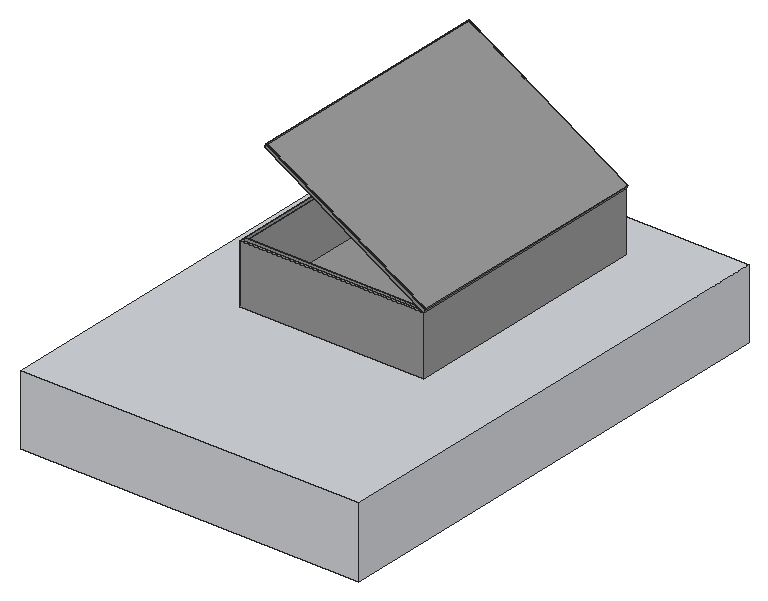
Revit family "Hager-Univers-IP55-D275-H1100-Cl.II-Steel_encl-CH-en", category Equipement électrique, Revit 2020
Family settings
  Hôte = Face
  Configuration du panneau = Deux colonnes, circuits au sein
  Cote de connecteur circulaire = Utiliser le diamètre
  Type d'élément = Tableau de raccordement
  Couper avec des vides une fois chargée = Non
  Partagée = Non
  Point de calcul de pièce = Non
Parameters (values of type "Surface mounted (plaster) IP55 W800 H1100 D275  - FR73S")
  Width Control [instance] = if([EF000008 - Width] > Min Width, [EF000008 - Width], Min Width)  # 800 mm
  Commentaires du type = [HG000003 - Range]  # "Univers"
  Thickness Door [instance] = if([EF009171 - Material plate thickness door/cover] > 3 mm, 3 mm, [EF009171 - Material plate thickness door/cover])  # 1.5 mm
  Seal Frame Offset [instance] = 17 mm  # constant formula
  Plinth Visibility [instance] = [HG000027 - Plinth height] > 0 mm  # no
  Model = ""
  Min Width [instance] = 100 mm  # constant formula
  Min Height [instance] = 100 mm  # constant formula
  Min Depth [instance] = (2 * [EF009170 - Material plate thickness cabinet]) + 1 mm  # 4 mm
  Internal Frame Depth [instance] = (Door System Depth * 0.5)  # 9 mm
  Height Control [instance] = if([EF000040 - Height] > Min Height, [EF000040 - Height], Min Height)  # 1100 mm
  HG000027 - Plinth height = 0 mm
  HG000026 - Floor standing = no
  HG000024 - Bottom section height = 800 mm
  HG000023 - Double section enclosure = no
  HG000016 - Door 3d visibility [instance] = yes
  HG000015 - Clearance visibility [instance] = no
  HG000014 - Door on the right [instance] = yes
  HG000013 - Door on the left [instance] = not([HG000014 - Door on the right])  # no
  HG000012 - Door swing angle [instance] = 30.00°
  HG000010 - Asymmetric doors = no
  HG000009 - Double swing door = no
  HG000006 - Flush mounted = no
  HG000004 - Manufacturer reference = "FR73S"
  HG000003 - Range = "Univers"
  HG000002 - With door or cover = yes
  Frame Offset Bottom [instance] = 10 mm  # constant formula
  Frame Offset [instance] = 15 mm  # constant formula
  EF015940 - Cover with overpressure release = no
  EF011959 - Degree of protection (NEMA) = ""
  EF009554 - Number of openings for flange plates = 6
  EF009212 - Cover model = "EV000116 - Closed"
  EF009171 - Material plate thickness door/cover = 1.5 mm
  EF009170 - Material plate thickness cabinet = 1.5 mm
  Fabricant = "Hager"  # constant formula
  EF008873 - Nominal current (In) = 800 A
  EF007800 - Suitable for lightning protection = no
  EF006306 - With lock = no
  EF006244 - Transparent cover/door = no
  EF005474 - Degree of protection (IP) = "EV006420 - IP55"
  EF004464 - Type of door = "EV002646 - Single"
  EF004427 - Number of modules = 252
  EF004293 - Impact strength = "EV008784 - IK10"
  EF003532 - Suitable for outdoor use = no
  EF002950 - Width in number of modular spacings = 24
  EF001613 - Circuit integrity = "EV000494 - None"
  EF001596 - Material housing = "EV000179 - Steel"
  EF001131 - Internal depth = 275 mm
  EF001088 - Extension possible = yes
  EF000437 - Number of conduit inlets = 6
  EF000339 - Type of cover = "EV004216 - Door"
  EF000266 - Number of rows = 7
  EF000218 - Built-in depth = 0 mm
  EF000118 - With mounting plate = no
  EF000116 - RAL-number = "7035"
  EF000049 - Depth = 275 mm
  EF000040 - Height = 1100 mm
  EF000008 - Width = 800 mm
  EF000007 - Colour = "EV000270 - Grey"
  EF000003 - Mounting method = "EV000384 - Surface mounted (plaster)"
  Door System Leaf Tolerance [instance] = 1.5 mm  # constant formula
  Door System Depth [instance] = 18 mm  # constant formula
  Door Height [instance] = Height Control - [HG000027 - Plinth height]  # 1100 mm
  Depth Control [instance] = if([EF000049 - Depth] > Min Depth, [EF000049 - Depth], Min Depth)  # 275 mm
  Default Elevation = 0 mm
  Connector Offset [instance] = Height Control / 2  # 550 mm
  Bottom Top Plate Trim [instance] = 1.5 mm  # constant formula
  Plinth height Ctrl [instance] = if([HG000027 - Plinth height] > 0 mm, [HG000027 - Plinth height], 12 mm)  # 12 mm
Types (5, lengths in mm): name | Width Control | HG000010 - Asymmetric doors | HG000009 - Double swing door | HG000004 - Manufacturer reference | EF009554 - Number of openings for flange plates | EF004464 - Type of door | EF004427 - Number of modules | EF000437 - Number of conduit inlets | EF000008 - Width
  Surface mounted (plaster) IP55 W1050 H1100 D275  - FR74S | 1050 | no | yes | "FR74S" | 8 | "EV003602 - Double" | 336 | 8 | 1050
  Surface mounted (plaster) IP55 W1300 H1100 D275  - FR75S | 1300 | yes | yes | "FR75S" | 10 | "EV003602 - Double" | 420 | 10 | 1300
  Surface mounted (plaster) IP55 W300 H1100 D275  - FR71S | 300 | no | no | "FR71S" | 2 | "EV002646 - Single" | 84 | 2 | 300
  Surface mounted (plaster) IP55 W550 H1100 D275  - FR72S | 550 | no | no | "FR72S" | 4 | "EV002646 - Single" | 168 | 4 | 550
  Surface mounted (plaster) IP55 W800 H1100 D275  - FR73S | 800 | no | no | "FR73S" | 6 | "EV002646 - Single" | 252 | 6 | 800
Reference planes
  plane 1 "Center (Front/Back)": y = 0
  plane 2: z = 0
  plane 3 "Center (Left/Right)": x = 0
  plane 4: z = 275
  plane 5: y = 1.5
  plane 6: y = 550
  plane 7: y = 0
  plane 8: y = 1100
  plane 9: z = 0
  plane 10: x = -385
  plane 11: x = 385
  plane 12: x = 383.5
  plane 13: x = -383.5
  plane 14: y = 1098.5
  plane 15: x = -383
  plane 16: x = -400
  plane 17: x = 383
  plane 18: x = 400
  plane 19: x = 398.5
  plane 20: x = -398.5
  plane 21: y = 11.5
  plane 22: y = 1100
  plane 23: y = 1083.5
  plane 24: z = 257
  plane 25: z = 1.5
  plane 26: z = 255.5
  plane 27: z = 273.5
Forms (mm)
  Extrusion 1, solid
    sketch origin (0, 0, 0) x (1, 0, 0) y (0, 1, 0)
      loop
        line (-702.964, 1305) -> (-702.964, -811.445) -> (766.763, -811.445) -> (766.763, 1305) -> (-702.964, 1305)
    from 0 to -304.8
  Extrusion 2, solid, material "Hager_Steel_RAL7035_Light_Grey", visible <- "Plinth Visibility", detail levels medium+fine
    sketch origin (0, 0, 0) x (1, 0, 0) y (0, 1, 0)
      loop
        line (-400, 0) -> (400, 0) -> (400, 12) -> (-400, 12) -> (-400, 0)
    from 0 to 257
  Extrusion 3, solid, material "Hager_Steel_RAL7035_Light_Grey", detail levels medium+fine
    sketch origin (0, 0, 0) x (1, 0, 0) y (0, 1, 0)
      loop
        line (-400, 0) -> (400, 0) -> (400, 1100) -> (-400, 1100) -> (-400, 0)
    from 0 to 257
  Extrusion 4, void
    sketch origin (0, 0, 0) x (1, 0, 0) y (0, 1, 0)
      loop
        line (-398.5, 1.5) -> (398.5, 1.5) -> (398.5, 1098.5) -> (-398.5, 1098.5) -> (-398.5, 1.5)
    from 1.5 to 255.5
  Extrusion 5, void
    sketch origin (-381.607, -4572, 257) x (0, -1, 0) y (-1, 0, 0)
      loop
        line (-4583.5, 1.893) -> (-5655.5, 1.893) -> (-5655.5, -765.107) -> (-4583.5, -765.107) -> (-4583.5, 1.893)
    from 0 to 1.5 <- "EF009170 - Material plate thickness cabinet"
  Extrusion 6, solid, material "Hager_Steel_RAL7035_Light_Grey", detail levels fine
    sketch origin (0, 0, 257) x (1, 0, 0) y (0, 1, 0)
      loop
        line (-383.5, 1083.5) -> (-383.5, 11.5) -> (383.5, 11.5) -> (383.5, 1083.5) -> (-383.5, 1083.5)
      loop
        line (-385, 10) -> (385, 10) -> (385, 1085) -> (-385, 1085) -> (-385, 10)
    from 0 to 9 <- "Internal Frame Depth"
  Extrusion 7, solid, material "Hager_Steel_RAL7035_Light_Grey", detail levels coarse
    sketch origin (0, 0, 0) x (1, 0, 0) y (0, 1, 0)
      loop
        line (-400, 0) -> (400, 0) -> (400, 1100) -> (-400, 1100) -> (-400, 0)
    from 0 to 275
  Sweep 8, void
    path in 3D
      loop
        line (-400, 12, 0) -> (400, 12, 0) -> (400, 12, 257) -> (-400, 12, 257) -> (-400, 12, 0)
    profile origin (-400, 12, 128.5) x (-1, 0, 0) y (0, -1, 0)
      loop
        line (0, 0) -> (0, 1.5) -> (-1.5, 1.5)
        arc (-1.5, 1.5) -> (-1.061, 0.439) -> (0, 0) r 1.5
Cuts and joins
  Extrusion 4, Extrusion 5 cuts Extrusion 3
  Sweep 8 cuts Extrusion 2
Lines and regions (mm)
  Masking region 1
    outline origin (0, 0, 0) x (1, 0, 0) y (0, 0, 1)
      loop
        line (-400, 275) -> (-400, 0) -> (400, 0) -> (400, 275) -> (-400, 275)
  Masking region 2, detail levels medium+fine
    outline origin (0, 140, 0) x (0, 1, 0) y (0, 0, 1)
      loop
        line (-140, 0) -> (960, 0) -> (960, 257) -> (-140, 257) -> (-140, 0)
  Masking region 3, not visible, detail levels medium+fine
    outline origin (0, 297.922, 0) x (0, 1, 0) y (0, 0, 1)
      loop
        line (263.578, 0) -> (303.578, 0) -> (303.578, 263.5)
        arc (303.578, 263.5) -> (300.649, 270.571) -> (293.578, 273.5) r 10
        line (293.578, 273.5) -> (263.578, 273.5) -> (263.578, 0)
  Masking region 4, detail levels coarse
    outline origin (0, 0, 180) x (0, 1, 0) y (0, 0, 1)
      loop
        line (0, -180) -> (1100, -180) -> (1100, 95) -> (0, 95) -> (0, -180)
  Masking region 5, visible <- "Plinth Visibility", detail levels medium+fine
    outline origin (0, 52.24, 12.345) x (0, 0, -1) y (0, 1, 0)
      loop
        line (10.845, -40.24) -> (-243.155, -40.24)
        arc (-243.155, -40.24) -> (-243.594, -41.301) -> (-244.655, -41.74) r 1.5
        line (-244.655, -41.74) -> (-244.655, -52.24) -> (12.345, -52.24) -> (12.345, -41.74)
        arc (12.345, -41.74) -> (11.285, -41.301) -> (10.845, -40.24) r 1.5
  Masking region 6, detail levels medium+fine
    outline origin (-381.607, -4572, 257) x (-1, 0, 0) y (0, -1, 0)
      loop
        line (18.393, -5672) -> (18.393, -4572) -> (-781.607, -4572) -> (-781.607, -5672) -> (18.393, -5672)
  Masking region 7, visible <- "Plinth Visibility", detail levels medium+fine
    outline origin (-381.607, -4727, 257) x (-1, 0, 0) y (0, -1, 0)
      loop
        arc (16.893, -4739) -> (17.332, -4737.939) -> (18.393, -4737.5) r 1.5
        line (18.393, -4737.5) -> (18.393, -4727) -> (-781.607, -4727) -> (-781.607, -4737.5)
        arc (-781.607, -4737.5) -> (-780.546, -4737.939) -> (-780.107, -4739) r 1.5
        line (-780.107, -4739) -> (16.893, -4739)
  Masking region 8, detail levels coarse
    outline origin (-442.548, -4669.526, 257) x (-1, 0, 0) y (0, -1, 0)
      loop
        line (-42.548, -5769.526) -> (-42.548, -4669.526) -> (-842.548, -4669.526) -> (-842.548, -5769.526) -> (-42.548, -5769.526)
  sketch lines
    curve 1: line (-400, 12, 257) -> (-400, 12, 0)
    curve 2: line (400, 12, 257) -> (-400, 12, 257)
    curve 3: line (400, 12, 257) -> (400, 12, 0)
    curve 4: line (-400, 12, 0) -> (400, 12, 0)
Dimensions and locks
  "Depth Control": plane 4 to Extrusion 1
  "HG000027 - Plinth height": plane 1 "Center (Front/Back)" to plane 7
  "EF009170 - Material plate thickness cabinet": plane 5 to plane 7
  locked: connector elem to plane 3 "Center (Left/Right)"
  equal spacing: plane 8, plane 6, plane 7
  locked: connector elem to plane 6
  "EF009170 - Material plate thickness cabinet": plane 8 to plane 14
  "EF009170 - Material plate thickness cabinet": plane 10 to plane 13
  "EF009170 - Material plate thickness cabinet": plane 12 to plane 11
  "Frame Offset": plane 20 to plane 13
  "Frame Offset": plane 12 to plane 19
  "EF009170 - Material plate thickness cabinet": plane 16 to plane 20
  "EF009170 - Material plate thickness cabinet": plane 19 to plane 18
  "Seal Frame Offset": plane 16 to plane 15
  "Seal Frame Offset": plane 17 to plane 18
  "Frame Offset Bottom": plane 21 to plane 5
  "Frame Offset": plane 14 to plane 23
  equal spacing: plane 16, plane 3 "Center (Left/Right)", plane 18
  "Width Control": plane 16 to plane 18
  "EF009170 - Material plate thickness cabinet": plane 4 to plane 27
  "EF009170 - Material plate thickness cabinet": plane 24 to plane 26
  "EF009170 - Material plate thickness cabinet": plane 25 to level
  "Door System Depth": plane 4 to plane 24
  "Height Control": plane 1 "Center (Front/Back)" to Extrusion 7 sketch curve
  "Height Control": Masking region 4 sketch curve to plane 1 "Center (Front/Back)"
  "Height Control": plane 1 "Center (Front/Back)" to plane 22
  "Bottom Top Plate Trim": profile plane to Sweep 8 sketch curve
  "Bottom Top Plate Trim": Sweep 8 sketch curve to profile plane
  "Plinth height Ctrl": plane 1 "Center (Front/Back)" to Extrusion 2 sketch curve
  "Plinth height Ctrl": Masking region 5 sketch curve to plane 1 "Center (Front/Back)"
  "Plinth height Ctrl": plane 1 "Center (Front/Back)" to Masking region 7 sketch curve
  "Thickness Door": Extrusion 6 sketch curve to Extrusion 6 sketch curve  (x3)
  "Thickness Door": cut or joined group of Extrusion 3, Extrusion 4, Extrusion 5 to Extrusion 6 sketch curve
  radius of Masking region 3 sketch curve = 10 mm
  "Bottom Top Plate Trim": radius of Masking region 5 sketch curve  (x2)
  "Bottom Top Plate Trim": radius of Sweep 8 sketch curve
  "Bottom Top Plate Trim": radius of Masking region 7 sketch curve  (x2)
  aligned and locked: plane 2 to Extrusion 1
  aligned and locked: level to Extrusion 1
  aligned and locked: level to Masking region 1 sketch curve
  aligned and locked: Masking region 1 sketch curve to plane 18
  aligned and locked: Masking region 1 sketch curve to plane 16
  aligned and locked: plane 7 to Masking region 2 sketch curve
  aligned and locked: level to Masking region 3 sketch curve
  aligned and locked: Masking region 3 sketch curve to plane 27
  aligned and locked: level to Masking region 2 sketch curve
  aligned and locked: plane 1 "Center (Front/Back)" to Extrusion 2 sketch curve
  aligned and locked: Extrusion 3 sketch curve to plane 7
  aligned and locked: plane 16 to Extrusion 3 sketch curve
  aligned and locked: plane 18 to Extrusion 3 sketch curve
  aligned and locked: plane 20 to Extrusion 4 sketch curve
  aligned and locked: plane 19 to Extrusion 4 sketch curve
  aligned and locked: Extrusion 4 sketch curve to plane 5
  aligned and locked: Extrusion 4 to plane 25
  aligned and locked: plane 26 to Extrusion 4
  aligned and locked: plane 24 to Extrusion 3
  aligned and locked: Extrusion 5 sketch curve to plane 21
  aligned and locked: Extrusion 5 sketch curve to plane 13
  aligned and locked: Extrusion 5 sketch curve to plane 12
  aligned and locked: plane 18 to Extrusion 7 sketch curve
  aligned and locked: plane 1 "Center (Front/Back)" to Extrusion 7 sketch curve
  aligned and locked: plane 16 to Extrusion 7 sketch curve
  aligned and locked: plane 4 to Extrusion 7
  aligned and locked: Extrusion 7 to level
  aligned and locked: level to Masking region 4 sketch curve
  aligned and locked: Masking region 4 sketch curve to plane 1 "Center (Front/Back)"
  aligned and locked: Masking region 4 sketch curve to plane 4
  aligned and locked: nested 1 to level
  aligned and locked: nested 1 to plane 16
  aligned and locked: plane 8 to Extrusion 3 sketch curve
  aligned and locked: plane 23 to Extrusion 5 sketch curve
  aligned and locked: plane 14 to Extrusion 4 sketch curve
  aligned and locked: Masking region 2 sketch curve to plane 8
  aligned and locked: level to Masking region 5 sketch curve
  aligned and locked: plane 16 to Extrusion 2 sketch curve
  aligned and locked: plane 18 to Extrusion 2 sketch curve
  aligned and locked: Masking region 5 sketch curve to plane 24
  aligned and locked: Masking region 2 sketch curve to plane 24
  aligned and locked: plane 24 to Extrusion 2
  aligned and locked: profile plane to Sweep 8 sketch curve  (x2)
  aligned and locked: Masking region 6 sketch curve to plane 18
  aligned and locked: Masking region 6 sketch curve to plane 22
  aligned and locked: Masking region 6 sketch curve to plane 16
  aligned and locked: plane 8 to plane 22
  aligned and locked: Masking region 6 sketch curve to plane 7
  aligned and locked: Masking region 7 sketch curve to plane 16
  aligned and locked: Masking region 7 sketch curve to plane 1 "Center (Front/Back)"
  aligned and locked: Masking region 7 sketch curve to plane 18
  aligned and locked: Masking region 8 sketch curve to plane 1 "Center (Front/Back)"
  aligned and locked: Masking region 8 sketch curve to plane 18
  aligned and locked: Masking region 8 sketch curve to plane 22
  aligned and locked: Masking region 8 sketch curve to plane 16
  aligned and locked: nested 2 to plane 7
  aligned and locked: plane 3 "Center (Left/Right)" to nested 2
  aligned and locked: nested 2 to plane 24
  aligned and locked: Extrusion 6 sketch curve to cut or joined group of Extrusion 3, Extrusion 4, Extrusion 5  (x4)
Automatic sketch dimensions
  Extrusion 1 sketch curve to Extrusion 1 sketch curve = 1469.727 mm
  Extrusion 1 sketch curve to Extrusion 1 sketch curve = 2116.445 mm
  Masking region 1 sketch curve to plane 4 = 0 mm
  plane 6 to Masking region 3 sketch curve = 11.5 mm
  Masking region 3 sketch curve to Masking region 3 sketch curve = 30 mm
  Masking region 5 sketch curve to plane 1 "Center (Front/Back)" = 0 mm
Nested families
  nested 1: "Hager_Enclosure_Symbol" at (-400, 0, 0) x (1, 0, 0) z (0, -1, 0), Height <- "Depth Control", Width <- "Width Control", type "Hager_Enclosure_Symbol"
    with Width_Ctrl 800 mm, Width 800 mm, Height_Ctrl 275 mm, Height 275 mm, A_Width_Int 18.047 mm, A_Width 216.562 mm, A_Height_Ctrl 240.625 mm, A_Height 240.625 mm
  nested 2: "EC000058_Univers_Door" at (0, 0, 257) x (1, 0, 0) z (0, 1, 0), Leaf_Tolerance <- "Door System Leaf Tolerance", Angle <- "HG000012 - Door swing angle", Door_Depth <- "Door System Depth", Door_Left <- "HG000013 - Door on the left", Transparent <- "EF006244 - Transparent cover/door", Assymetrical <- "HG000010 - Asymmetric doors", Width <- "Width Control", Clearance <- "HG000015 - Clearance visibility", Double <- "HG000009 - Double swing door", 3d_Door <- "HG000016 - Door 3d visibility", Lock_Visibility <- "EF006306 - With lock", Width_Ctrl <- "Width Control", Door_Right <- "HG000014 - Door on the right", Door <- "HG000002 - With door or cover", Height <- "Door Height", Thickness <- "Thickness Door", type "EC000058_Univers_Door", detail levels medium+fine
    with min_wh 4 mm, Width_Ctrl 800 mm, Width 800 mm, Transparent no, Thickness 1.5 mm, Seal_Material Hager_Rubber, Lock_Visibility no, Lock_Material Hager_Plastic_RAL9005_Jet_Black, Leaf_Width 800 mm, Leaf_Tolerance_External_Sides 0 mm, Leaf_Tolerance 1.5 mm, Leaf_Offset 0 mm, Leaf_Height 1097 mm, Leaf_2_Width 800 mm, Leaf_2_Offset 400 mm, Leaf_1_Width 800 mm, Leaf_1_Offset 400 mm, Height_Ctrl 1100 mm, Height 1100 mm, Glass_Material Hager_Glass, Double_Clearance_Ctrl no, Double no, Door_Right_Ctrl yes, Door_Right yes, Door_Material Hager_Steel_RAL7035_Light_Grey, Door_Left_Ctrl no, Door_Left no, Door_Depth 18 mm, Door yes, Clearance_Material Hager_Clearance, Clearance_Depth 800 mm, Clearance_Ctrl no, Clearance no, Assymetrical no, Angle 30.00°, 3d_Door yes
Connectors
  electrical at (0, 550, 0)
    settings: on plane 9, index 1, voltage 0 V, apparent load 0 VA, apparent load phase1 0 VA, apparent load phase2 0 VA, apparent load phase3 0 VA, power factor 1, load classification "Other", number of poles 1, system type 30, power factor state 1, is connector primary yes, connector utility no, sub classification motor no, connector description ""
Definition of nested family "EC000058_Univers_Door"
  Parameters (values of type "EC000058_Univers_Door")
    min_wh [instance] = (2 * Thickness) + 1 mm  # 11 mm
    Width_Ctrl [instance] = 400 mm
    Width [instance] = 500 mm
    Transparent [instance] = yes
    Thickness [instance] = 5 mm
    Seal_Material [instance] = none
    Lock_Visibility [instance] = yes
    Lock_Material [instance] = none
    Leaf_Width [instance] = if((Width_Ctrl - 2 * Leaf_Tolerance_External_Sides) > 0 mm, (Width_Ctrl - 2 * Leaf_Tolerance_External_Sides), min_wh)  # 400 mm
    Leaf_Tolerance_External_Sides [instance] = 0 mm  # constant formula
    Leaf_Tolerance [instance] = 1.5 mm
    Leaf_Offset [instance] = 0 mm  # constant formula
    Leaf_Height [instance] = if((Height_Ctrl - 2 * Leaf_Tolerance) > 0 mm, (Height_Ctrl - 2 * Leaf_Tolerance), min_wh)  # 497 mm
    Leaf_2_Width [instance] = if(and(and(Double, Assymetrical), Door_Left), (Leaf_Width / 3) - (Leaf_Tolerance / 2), if(and(and(Double, Assymetrical), Door_Right), (Leaf_Width / 3) * 2 - (Leaf_Tolerance / 2), if(and(Double, not(Assymetrical)), (Leaf_Width / 2) - Leaf_Tolerance, Leaf_Width)))  # 400 mm
    Leaf_2_Offset [instance] = if(and(Double, Assymetrical), Leaf_2_Width / 2, if(and(Double, not(Assymetrical)), Leaf_Width / 4, Leaf_Width / 2))  # 200 mm
    Leaf_1_Width [instance] = if(and(and(Double, Assymetrical), Door_Right), (Leaf_Width / 3) - (Leaf_Tolerance / 2), if(and(and(Double, Assymetrical), Door_Left), (Width / 3) * 2 - (Leaf_Tolerance / 2), if(and(Double, not(Assymetrical)), (Leaf_Width / 2) - Leaf_Tolerance, Leaf_Width)))  # 400 mm
    Leaf_1_Offset [instance] = if(and(Double, Assymetrical), Leaf_1_Width / 2, if(and(Double, not(Assymetrical)), Leaf_Width / 4, Leaf_Width / 2))  # 200 mm
    Height_Ctrl [instance] = if(Height > min_wh, Height, min_wh)  # 500 mm
    Height [instance] = 500 mm
    Glass_Material [instance] = none
    Double_Clearance_Ctrl [instance] = and(Double, Clearance)  # no
    Double [instance] = no
    Door_Right_Ctrl [instance] = and(or(Door_Right, Double), Door)  # yes
    Door_Right [instance] = yes
    Door_Material [instance] = none
    Door_Left_Ctrl [instance] = and(or(Door_Left, Double), Door)  # no
    Door_Left [instance] = no
    Door_Depth [instance] = 30 mm
    Door [instance] = yes
    Default Elevation = 1219.2 mm
    Clearance_Material [instance] = none
    Clearance_Depth [instance] = if(Leaf_1_Width > Leaf_2_Width, Leaf_1_Width, Leaf_2_Width)  # 400 mm
    Clearance_Ctrl [instance] = and(not(Double), Clearance)  # yes
    Clearance [instance] = yes
    Assymetrical [instance] = yes
    Angle [instance] = 30.00°
    3d_Door [instance] = yes
  Reference planes
    plane 1 "Center (Front/Back)": y = 0
    plane 2 "Bottom": z = 0
    plane 3 "Center (Left/Right)": x = 0
    plane 4: z = 500
    plane 5: x = -200
    plane 6: x = 200
    plane 7: z = 500
    plane 8: x = -200
    plane 9: z = 0
    plane 10: x = 200
    plane 11: y = 0
    plane 12: z = 1.5
    plane 13: x = -600
    plane 14: y = -400
    plane 15: x = 600
    plane 16: x = 0
    plane 17: x = 0
    plane 18: x = -200
    plane 19: x = 200
    plane 20: z = 498.5
  Forms (mm)
    Extrusion 1, solid, material <- "Clearance_Material", visible <- "Double_Clearance_Ctrl"
      sketch origin (1200, 0, 0) x (1, 0, 0) y (0, 0, -1)
        loop
          line (-1800, -498.5) -> (-600, -498.5) -> (-600, 0) -> (-1800, 0) -> (-1800, -498.5)
      from 0 to -400
  Dimensions and locks
    equal spacing: plane 5, plane 3 "Center (Left/Right)", plane 6
    "Width_Ctrl": plane 5 to plane 6
    "Leaf_Offset": plane 5 to plane 8
    "Leaf_Offset": plane 6 to plane 10
    "Leaf_Offset": plane 9 to level
    "Leaf_Offset": plane 4 to plane 7
    "Height_Ctrl": plane 4 to level
    "Leaf_Tolerance": plane 12 to plane 9
    locked: plane 11 to plane 1 "Center (Front/Back)"
    "Leaf_1_Offset": plane 18 to plane 16
    "Leaf_2_Offset": plane 17 to plane 19
    "Leaf_1_Width": plane 13 to plane 8
    "Leaf_2_Width": plane 10 to plane 15
    "Clearance_Depth": plane 14 to plane 1 "Center (Front/Back)"
    "Leaf_Tolerance_External_Sides": plane 8 to plane 18
    "Leaf_Tolerance_External_Sides": plane 19 to plane 10
    "Leaf_Tolerance": plane 7 to plane 20
    aligned and locked: level to plane 2 "Bottom"
    aligned and locked: nested 1 to plane 16
    aligned and locked: nested 2 to plane 17
    aligned and locked: Extrusion 1 to plane 13
    aligned and locked: plane 15 to Extrusion 1
    aligned and locked: Extrusion 1 to plane 14
    aligned and locked: plane 12 to nested 1
    aligned and locked: nested 2 to plane 12
    aligned and locked: Extrusion 1 to plane 11
    aligned and locked: plane 20 to Extrusion 1
    aligned and locked: nested 2 to plane 11
    aligned and locked: nested 1 to plane 11
  Automatic sketch dimensions
    Extrusion 1 sketch curve to level = 0 mm
    plane 5 to Extrusion 1 sketch curve = 400 mm
    plane 6 to Extrusion 1 sketch curve = 400 mm
    Extrusion 1 sketch curve to plane 4 = 1.5 mm
  Nested families
    nested 1: "EC000058_Univers_Door_Leaf" at (0, 0, 1.5), Width <- "Leaf_1_Width", visible <- "Door_Left_Ctrl", Leaf_Height <- "Leaf_Height", Angle <- "Angle", 3d_Door <- "3d_Door", Transparent <- "Transparent", Clearance Material <- "Clearance_Material", Clearance <- "Clearance_Ctrl", Door_Material <- "Door_Material", Glass_Material <- "Glass_Material", Door_Depth <- "Door_Depth", Lock_Material <- "Lock_Material", Seal_Material <- "Seal_Material", Lock_Visibility <- "Lock_Visibility", Thickness <- "Thickness", type "EC000058_Univers_Door_Leaf"
      with Width 400 mm, Transparent_Glass_Offset 30 mm, Transparent_Ctrl yes, Transparent yes, Thickness 5 mm, Standard no, Seal_Material none, Seal_D2 8 mm, Seal_D1 1 mm, Offset_Internal_Frame 10 mm, Lock_Width 20 mm, Lock_Visibility_3d yes, Lock_Visibility yes, Lock_Thickness_3 3 mm, Lock_Thickness_2 1 mm, Lock_Thickness_1 3 mm, Lock_Radius_Offset_2 16 mm, Lock_Radius_Offset_1 15 mm, Lock_Radius_2 5 mm, Lock_Radius 6 mm, Lock_Offset 5 mm, Lock_Material none, Lock_Height 80 mm, Lock_Cover_Top_Offset_2d 17 mm, Lock_Cover_Height -65 mm, Leaf_Height 497 mm, Internal_Seal_Thickness 8 mm, Internal_Seal_Depth_2 4.5 mm, Internal_Frame_Depth 25 mm, Glass_Thickness -1 mm, Glass_Offset -2 mm, Glass_Material none, Door_Material none, Door_Depth 30 mm, Clearance Material none, Clearance yes, Angle_Ctrl 30.00°, Angle 30.00°, 3d_Door yes
    nested 2: "EC000058_Univers_Door_Leaf" at (0, 0, 1.5) x (-1, 0, 0) z (0, 0, 1), Width <- "Leaf_2_Width", visible <- "Door_Right_Ctrl", Leaf_Height <- "Leaf_Height", Angle <- "Angle", 3d_Door <- "3d_Door", Transparent <- "Transparent", Clearance Material <- "Clearance_Material", Clearance <- "Clearance_Ctrl", Door_Material <- "Door_Material", Glass_Material <- "Glass_Material", Door_Depth <- "Door_Depth", Lock_Material <- "Lock_Material", Seal_Material <- "Seal_Material", Lock_Visibility <- "Lock_Visibility", Thickness <- "Thickness", type "EC000058_Univers_Door_Leaf"
      with Width 400 mm, Transparent_Glass_Offset 30 mm, Transparent_Ctrl yes, Transparent yes, Thickness 5 mm, Standard no, Seal_Material none, Seal_D2 8 mm, Seal_D1 1 mm, Offset_Internal_Frame 10 mm, Lock_Width 20 mm, Lock_Visibility_3d yes, Lock_Visibility yes, Lock_Thickness_3 3 mm, Lock_Thickness_2 1 mm, Lock_Thickness_1 3 mm, Lock_Radius_Offset_2 16 mm, Lock_Radius_Offset_1 15 mm, Lock_Radius_2 5 mm, Lock_Radius 6 mm, Lock_Offset 5 mm, Lock_Material none, Lock_Height 80 mm, Lock_Cover_Top_Offset_2d 17 mm, Lock_Cover_Height -65 mm, Leaf_Height 497 mm, Internal_Seal_Thickness 8 mm, Internal_Seal_Depth_2 4.5 mm, Internal_Frame_Depth 25 mm, Glass_Thickness -1 mm, Glass_Offset -2 mm, Glass_Material none, Door_Material none, Door_Depth 30 mm, Clearance Material none, Clearance yes, Angle_Ctrl 30.00°, Angle 30.00°, 3d_Door yes
  Definition of nested family "EC000058_Univers_Door_Leaf"
    Parameters (values of type "EC000058_Univers_Door_Leaf")
      Width [instance] = 2000 mm
      Transparent_Glass_Offset [instance] = 30 mm
      Transparent_Ctrl [instance] = and(Transparent, [3d_Door])  # yes
      Transparent [instance] = yes
      Thickness [instance] = 5 mm
      Standard [instance] = and(not(Transparent), [3d_Door])  # no
      Seal_Material [instance] = none
      Seal_D2 [instance] = 8 mm  # constant formula
      Seal_D1 [instance] = 1 mm  # constant formula
      Offset_Internal_Frame [instance] = 10 mm  # constant formula
      Lock_Width [instance] = 20 mm  # constant formula
      Lock_Visibility_3d [instance] = and(Lock_Visibility, [3d_Door])  # yes
      Lock_Visibility [instance] = yes
      Lock_Thickness_3 [instance] = 3 mm  # constant formula
      Lock_Thickness_2 [instance] = 1 mm  # constant formula
      Lock_Thickness_1 [instance] = 3 mm  # constant formula
      Lock_Radius_Offset_2 [instance] = Lock_Radius_Offset_1 + 1 mm  # 16 mm
      Lock_Radius_Offset_1 [instance] = 15 mm  # constant formula
      Lock_Radius_2 [instance] = Lock_Radius - 1 mm  # 5 mm
      Lock_Radius [instance] = 6 mm  # constant formula
      Lock_Offset [instance] = 5 mm  # constant formula
      Lock_Material [instance] = none
      Lock_Height [instance] = 80 mm  # constant formula
      Lock_Cover_Top_Offset_2d [instance] = Lock_Radius_Offset_2 + 1 mm  # 17 mm
      Lock_Cover_Height [instance] = -(Lock_Height - Lock_Radius_Offset_1)  # -65 mm
      Leaf_Height [instance] = 2720.336 mm
      Internal_Seal_Thickness [instance] = 8 mm  # constant formula
      Internal_Seal_Depth_2 [instance] = 4.5 mm  # constant formula
      Internal_Frame_Depth [instance] = if(Door_Depth - Thickness > 5 mm, Door_Depth - Thickness, 5 mm)  # 25 mm
      Glass_Thickness [instance] = if(Thickness > 15 mm, Glass_Offset + 10 mm, -1 mm)  # -1 mm
      Glass_Offset [instance] = if(Thickness > 15 mm, -(Thickness + 10 mm) / 2, -2 mm)  # -2 mm
      Glass_Material [instance] = none
      Door_Material [instance] = none
      Door_Depth [instance] = 30 mm
      Default Elevation = 0 mm
      Clearance Material [instance] = none
      Clearance [instance] = yes
      Angle_Ctrl [instance] = if(Angle > 180.00°, 180.00°, Angle)  # 90.00°
      Angle [instance] = 90.00°
      3d_Door [instance] = yes
    Reference planes
      plane 1 "Center (Front/Back)": y = 0
      plane 2: z = 0
      plane 3 "Center (Left/Right)": x = 0
      plane 4: y = 2000
      plane 5: x = -1000
      plane 6: x = 1000
      plane 7: x = -3000
      plane 8: z = 2720.336
      plane 9: z = 30
      plane 10: z = 2690.336
      plane 11: x = 970
      plane 12: x = -970
      plane 13: y = -3
      plane 14: z = 107.833
      plane 15: y = -5
      plane 16: y = -223.314
      plane 17: x = -1000
      plane 18: z = 1360.168
      plane 19: y = 30
    Forms (mm)
      Extrusion 1, solid, material <- "Clearance Material", visible <- "Clearance"
        sketch origin (0, 0, 0) x (1, 0, 0) y (0, 0, 1)
          loop
            line (-3000, 2720.336) -> (-3000, 0) -> (1000, 0) -> (1000, 2720.336) -> (-3000, 2720.336)
        from 0 to -2000
      Extrusion 2, solid, material <- "Door_Material", visible <- "Standard", detail levels medium+fine
        sketch origin (-1000, 0, 0) x (0, 1, 0) y (-1, 0, 0)
          loop
            line (0, 30) -> (0, 25) -> (2000, 25) -> (2000, 30) -> (0, 30)
        from 0 to 2720.336 <- "Leaf_Height"
      Extrusion 3, solid, material <- "Door_Material", visible <- "Transparent_Ctrl", detail levels medium+fine
        sketch origin (-1000, 0, 0) x (0, 1, 0) y (-1, 0, 0)
          loop
            line (0, 25) -> (2000, 25) -> (2000, 30) -> (0, 30) -> (0, 25)
        from 0 to 2720.336 <- "Leaf_Height"
      Extrusion 4, void
        sketch origin (-1025, 2000, 0) x (0, 1, 0) y (0, 0, -1)
          loop
            line (-30, -2690.336) -> (-30, -30) -> (-1970, -30) -> (-1970, -2690.336) -> (-30, -2690.336)
        from 0 to 5 <- "Thickness"
      Sweep 5, solid, material <- "Seal_Material", visible <- "Transparent_Ctrl", detail levels fine
        path in 3D
          loop
            line (-1025, 30, 30) -> (-1025, 30, 2690.336) -> (-1025, 1970, 2690.336) -> (-1025, 1970, 30) -> (-1025, 30, 30)
        profile origin (-1025, 1000, 30) x (1, 0, 0) y (0, 0, 1)
          loop
            line (0, 0) -> (0, -8) -> (1, -8) -> (1, 0) -> (0, 0)
      Extrusion 6, solid, material <- "Glass_Material", visible <- "Transparent_Ctrl", detail levels medium+fine
        sketch origin (-1030, 0, 0) x (0, 1, 0) y (0, 0, -1)
          loop
            line (1970, -2690.336) -> (1970, -30) -> (30, -30) -> (30, -2690.336) -> (1970, -2690.336)
        from -2 <- "Glass_Offset" to -1 <- "Glass_Thickness"
      Extrusion 7, solid, material <- "Door_Material", visible <- "3d_Door", detail levels medium+fine
        sketch origin (-1025, 2000, 0) x (0, -1, 0) y (0, 0, -1)
          loop
            line (0, -2720.336) -> (2000, -2720.336) -> (2000, 0) -> (0, 0) -> (0, -2720.336)
          loop
            line (1995, -5) -> (5, -5) -> (5, -2715.336) -> (1995, -2715.336) -> (1995, -5)
        from 0 to 25 <- "Internal_Frame_Depth"
      Sweep 8, solid, material <- "Seal_Material", visible <- "Transparent_Ctrl", detail levels fine
        path in 3D
          loop
            line (-1025, 0, 0) -> (-1025, 2000, 0) -> (-1025, 2000, 2720.336) -> (-1025, 0, 2720.336) -> (-1025, 0, 0)
        profile origin (-1025, 0, 1360.168) x (1, 0, 0) y (0, 1, 0)
          loop
            line (0, 10) -> (2.975, 10)
            arc (2.975, 10) -> (4.053, 10.447) -> (4.5, 11.525) r 1.525
            line (4.5, 11.525) -> (4.5, 16.527)
            arc (4.5, 16.527) -> (4.069, 17.569) -> (3.027, 18) r 1.473
            line (3.027, 18) -> (0, 18) -> (0, 10)
      Extrusion 9, solid, material <- "Lock_Material", visible <- "Lock_Visibility_3d", detail levels fine
        sketch origin (-1030, 0, 0) x (0, 1, 0) y (0, 0, -1)
          loop
            arc (1993.5, -1400.168) -> (1994.561, -1399.729) -> (1995, -1398.668) r 1.5
            line (1995, -1398.668) -> (1995, -1320.168) -> (1975, -1320.168) -> (1975, -1398.668)
            arc (1975, -1398.668) -> (1975.439, -1399.729) -> (1976.5, -1400.168) r 1.5
            line (1976.5, -1400.168) -> (1993.5, -1400.168)
        from 3 <- "Lock_Thickness_1" to 0
      Blend 10, solid, material <- "Lock_Material", visible <- "Lock_Visibility_3d", detail levels fine
        base sketch origin (-1033, 0, 0) x (0, 1, 0) y (0, 0, -1)
          loop
            line (1975, -1320.168) -> (1975, -1398.668)
            arc (1975, -1398.668) -> (1975.439, -1399.729) -> (1976.5, -1400.168) r 1.5
            line (1976.5, -1400.168) -> (1993.5, -1400.168)
            arc (1993.5, -1400.168) -> (1994.561, -1399.729) -> (1995, -1398.668) r 1.5
            line (1995, -1398.668) -> (1995, -1320.168) -> (1975, -1320.168)
        top sketch origin (-1033, 0, 0) x (0, 1, 0) y (0, 0, -1)
          loop
            line (1976, -1320.168) -> (1976, -1398.668)
            arc (1976, -1398.668) -> (1976.146, -1399.022) -> (1976.5, -1399.168) r 0.5
            line (1976.5, -1399.168) -> (1993.5, -1399.168)
            arc (1993.5, -1399.168) -> (1993.854, -1399.022) -> (1994, -1398.668) r 0.5
            line (1994, -1398.668) -> (1994, -1320.168) -> (1976, -1320.168)
        from 0 to 1 <- "Lock_Thickness_2"
      Blend 11, solid, material <- "Lock_Material", visible <- "Lock_Visibility_3d", detail levels fine
        base sketch origin (-1034, 0, 0) x (0, 1, 0) y (0, 0, -1)
          loop
            line (1978, -1320.168) -> (1978, -1384.168)
            arc (1978, -1384.168) -> (1985, -1391.168) -> (1992, -1384.168) r 7
            line (1992, -1384.168) -> (1992, -1320.168) -> (1978, -1320.168)
        top sketch origin (-1034, 0, 0) x (0, 1, 0) y (0, 0, -1)
          loop
            line (1991, -1320.168) -> (1979, -1320.168) -> (1979, -1383.168)
            arc (1979, -1383.168) -> (1985, -1389.168) -> (1991, -1383.168) r 6
            line (1991, -1383.168) -> (1991, -1320.168)
        from 0 to 3 <- "Lock_Thickness_3"
      Extrusion 12, solid, material <- "Lock_Material", visible <- "Lock_Visibility_3d", detail levels fine
        sketch origin (-1030, 1975, 1320.168) x (1, 0, 0) y (0, -1, 0)
          loop
            line (-7, -19) -> (-7, -1) -> (0, -1) -> (0, 0) -> (-8, 0) -> (-8, -20) -> (0, -20) -> (0, -19) -> (-7, -19)
        from 0 to -65 <- "Lock_Cover_Height"
      Extrusion 13, void
        sketch origin (-1038, 1995, 1320.168) x (-1, 0, 0) y (0, 0, -1)
          loop
            line (-5, -65) -> (0, -65) -> (-5, -60) -> (-5, -65)
        from 0 to 20 <- "Lock_Width"
      Extrusion 14, void
        sketch origin (-1038, 1975, 1320.168) x (0, -1, 0) y (0, 0, -1)
          loop
            circle (-10, -15.995) r 6
          loop
            circle (-10, -15.995) r 5
        from 0 to 2
      Extrusion 15, solid, material <- "Lock_Material", visible <- "Lock_Visibility_3d", detail levels medium
        sketch origin (-1030, 0, 0) x (0, 1, 0) y (0, 0, -1)
          loop
            arc (1993.5, -1400.168) -> (1994.561, -1399.729) -> (1995, -1398.668) r 1.5
            line (1995, -1398.668) -> (1995, -1320.168) -> (1975, -1320.168) -> (1975, -1398.668)
            arc (1975, -1398.668) -> (1975.439, -1399.729) -> (1976.5, -1400.168) r 1.5
            line (1976.5, -1400.168) -> (1993.5, -1400.168)
        from 8 to 0
    Cuts and joins
      Extrusion 4 cuts Extrusion 3
      Extrusion 13, Extrusion 14 cuts Extrusion 9
      Extrusion 14 cuts Blend 11
      Extrusion 13, Extrusion 14 cuts Extrusion 12
      joined: Extrusion 9, Blend 10, Blend 11, Extrusion 12
      Extrusion 14 cuts Extrusion 15
    Lines and regions (mm)
      Masking region 1, visible <- "Lock_Visibility", detail levels fine
        outline origin (0, 0, 0) x (0, 1, 0) y (0, 0, 1)
          loop
            line (30, 1320.168) -> (33, 1320.168) -> (33, 1400.168) -> (30, 1400.168) -> (30, 1320.168)
      Masking region 2, visible <- "Lock_Visibility", detail levels fine
        outline origin (0, 3.143, 0) x (0, 1, 0) y (0, 0, 1)
          loop
            line (29.857, 1354.168) -> (30.857, 1354.168) -> (30.857, 1366.168) -> (29.857, 1366.168) -> (29.857, 1354.168)
      Masking region 3, detail levels medium+fine
        outline origin (0, 0, 0) x (0, 1, 0) y (0, 0, 1)
          loop
            line (0, 0) -> (30, 0) -> (30, 2720.336) -> (0, 2720.336) -> (0, 0)
      Masking region 4, detail levels medium+fine
        outline origin (0, 0, 0) x (1, 0, 0) y (0, 0, 1)
          loop
            line (-1000, 2720.336) -> (-1000, 0) -> (1000, 0) -> (1000, 2720.336) -> (-1000, 2720.336)
      Masking region 5, visible <- "Lock_Visibility", detail levels fine
        outline origin (-47.116, 0, 0) x (1, 0, 0) y (0, 0, 1)
          loop
            arc (1024.616, 1399.168) -> (1023.556, 1398.729) -> (1023.116, 1397.668) r 1.5
            line (1023.116, 1397.668) -> (1023.116, 1320.168) -> (1041.116, 1320.168) -> (1041.116, 1397.668)
            arc (1041.116, 1397.668) -> (1040.677, 1398.729) -> (1039.616, 1399.168) r 1.5
            line (1039.616, 1399.168) -> (1024.616, 1399.168)
      Masking region 6, visible <- "Lock_Visibility", detail levels medium+fine
        outline origin (-25, 0, 0) x (1, 0, 0) y (0, 0, 1)
          loop
            arc (1001.5, 1400.168) -> (1000.439, 1399.729) -> (1000, 1398.668) r 1.5
            line (1000, 1398.668) -> (1000, 1320.168) -> (1020, 1320.168) -> (1020, 1398.668)
            arc (1020, 1398.668) -> (1019.561, 1399.729) -> (1018.5, 1400.168) r 1.5
            line (1018.5, 1400.168) -> (1001.5, 1400.168)
      Masking region 7, visible <- "Lock_Visibility", detail levels fine
        outline origin (-73.735, 0, 0) x (1, 0, 0) y (0, 0, 1)
          loop
            line (1051.735, 1382.168) -> (1065.735, 1382.168) -> (1065.735, 1384.168)
            arc (1065.735, 1384.168) -> (1058.735, 1391.168) -> (1051.735, 1384.168) r 7
            line (1051.735, 1384.168) -> (1051.735, 1382.168)
      Masking region 8, visible <- "Lock_Visibility", detail levels fine
        outline origin (-73.735, 0, 0) x (1, 0, 0) y (0, 0, 1)
          loop
            line (1052.735, 1382.168) -> (1064.735, 1382.168) -> (1064.735, 1383.168)
            arc (1064.735, 1383.168) -> (1058.735, 1389.168) -> (1052.735, 1383.168) r 6
            line (1052.735, 1383.168) -> (1052.735, 1382.168)
      Masking region 9, visible <- "Lock_Visibility", detail levels fine
        outline origin (-25, 0, 0) x (1, 0, 0) y (0, 0, 1)
          loop
            line (1020, 1320.168) -> (1020, 1382.168) -> (1000, 1382.168) -> (1000, 1320.168) -> (1020, 1320.168)
      Masking region 10, detail levels medium+fine
        outline origin (0, 0, 0) x (1, 0, 0) y (0, 0, 1)
          loop
            circle (985, 1335.144) r 6
      Masking region 11, detail levels fine
        outline origin (0, 0, 0) x (1, 0, 0) y (0, 0, 1)
          loop
            circle (985, 1335.144) r 5
      Masking region 12, visible <- "Lock_Visibility", detail levels fine
        outline origin (0, 12.767, 0) x (0, 1, 0) y (0, 0, 1)
          loop
            line (20.233, 1320.168) -> (21.233, 1320.168) -> (21.233, 1399.168) -> (20.233, 1400.168) -> (20.233, 1320.168)
      Masking region 13, visible <- "Lock_Visibility", detail levels fine
        outline origin (0, 13.767, -10) x (0, 1, 0) y (0, 0, 1)
          loop
            line (20.233, 1330.168) -> (23.233, 1330.168) -> (23.233, 1399.168) -> (20.233, 1402.168) -> (20.233, 1330.168)
      Masking region 14, visible <- "Lock_Visibility", detail levels fine
        outline origin (0, 12.767, -10) x (0, 1, 0) y (0, 0, 1)
          loop
            line (20.233, 1330.168) -> (25.233, 1330.168) -> (25.233, 1399.305) -> (20.233, 1394.305) -> (20.233, 1330.168)
      Masking region 15, visible <- "Lock_Visibility", detail levels medium
        outline origin (0, 0, 0) x (0, 1, 0) y (0, 0, 1)
          loop
            line (30, 1320.168) -> (38, 1320.168) -> (38, 1400.168) -> (30, 1400.168) -> (30, 1320.168)
      Masking region 16, visible <- "Lock_Visibility", detail levels fine
        outline origin (-1000, 0, 0) x (0, 1, 0) y (-1, 0, 0)
          loop
            line (1975, 30) -> (1995, 30) -> (1995, 38) -> (1975, 38) -> (1975, 30)
          loop
            line (1979, 37) -> (1976, 37) -> (1976, 34) -> (1978, 34) -> (1979, 37)
          loop
            line (1994, 37) -> (1991, 37) -> (1992, 34) -> (1994, 34) -> (1994, 37)
      Masking region 17, visible <- "Lock_Visibility", detail levels medium
        outline origin (-1000, 0, 0) x (0, 1, 0) y (-1, 0, 0)
          loop
            line (1975, 30) -> (1995, 30) -> (1995, 38) -> (1975, 38) -> (1975, 30)
      symbolic lines
        curve 1: line (1000, 0, 0) -> (-3000, 0, 0)
        curve 2: arc (1000, 0, 0) -> (-1000, 2000, 0) -> (-3000, 0, 0) r 2000
        curve 4: line (-1030, 0, 0) -> (-1030, 2000, 0)
      reference lines
        curve 3: line (-1000, 0, 0) -> (-1000, 2000, 0)
      symbolic lines, detail levels medium+fine
        curve 5: line (-1030, 2000, 0) -> (-1025, 2000, 0)
        curve 7: line (-1025, 0, 0) -> (-1030, 0, 0)
        curve 8: line (-1025, 0, 0) -> (-1000, 0, 0)
        curve 9: line (-1000, 0, 0) -> (-1000, 2000, 0)
        curve 10: line (-1000, 2000, 0) -> (-1025, 2000, 0)
      symbolic lines, detail levels fine
        curve 6: line (-1025, 2000, 0) -> (-1025, 0, 0)
      sketch lines
        curve 11: line (-1025, 0, 2720.336) -> (-1025, 0, 0)
        curve 12: line (-1025, 2000, 0) -> (-1025, 0, 0)
        curve 13: line (-1025, 2000, 2720.336) -> (-1025, 2000, 0)
        curve 14: line (-1025, 0, 2720.336) -> (-1025, 2000, 2720.336)
        curve 15: line (-1025, 1970, 30) -> (-1025, 30, 30)
        curve 16: line (-1025, 30, 30) -> (-1025, 30, 2690.336)
        curve 17: line (-1025, 1970, 2690.336) -> (-1025, 1970, 30)
        curve 18: line (-1025, 30, 2690.336) -> (-1025, 1970, 2690.336)
      symbolic lines, visible <- "Transparent", detail levels medium+fine
        curve 19: line (-970, 0, 2690.336) -> (970, 0, 2690.336)
        curve 20: line (-970, 0, 30) -> (-970, 0, 2690.336)
        curve 21: line (970, 0, 30) -> (-970, 0, 30)
        curve 22: line (970, 0, 2690.336) -> (970, 0, 30)
    Dimensions and locks
      "Width": plane 1 "Center (Front/Back)" to plane 4
      equal spacing: plane 5, plane 3 "Center (Left/Right)", plane 6
      "Width": plane 5 to plane 6
      "Width": plane 7 to plane 5
      "Leaf_Height": plane 8 to level
      "Width": curve 5 to curve 3
      "Width": curve 3 to curve 3
      plane 8 to plane 10 = 30 mm
      plane 9 to level = 30 mm
      plane 12 to plane 5 = 30 mm
      plane 6 to plane 11 = 30 mm
      Extrusion 1 to Extrusion 4 sketch curve = 30 mm
      "Transparent_Glass_Offset": curve 3 to Extrusion 4 sketch curve
      "Transparent_Glass_Offset": Extrusion 4 sketch curve to cut or joined group of Extrusion 3, Extrusion 4  (x2)
      cut or joined group of Extrusion 3, Extrusion 4 to Extrusion 6 sketch curve = 30 mm
      "Transparent_Glass_Offset": cut or joined group of Extrusion 3, Extrusion 4 to Extrusion 4 sketch curve
      "Thickness": curve 6 to curve 4
      "Thickness": Extrusion 7 sketch curve to Extrusion 7 sketch curve  (x4)
      "Door_Depth": curve 4 to curve 3
      "Offset_Internal_Frame": profile plane to Sweep 8 sketch curve
      "Internal_Seal_Thickness": Sweep 8 sketch curve to Sweep 8 sketch curve
      "Internal_Seal_Depth_2": profile plane to Sweep 8 sketch curve
      "Seal_D1": profile plane to Sweep 5 sketch curve
      "Seal_D2": profile plane to Sweep 5 sketch curve
      "Thickness": Extrusion 2 sketch curve to Extrusion 2 sketch curve
      equal spacing: Extrusion 9 sketch curve, plane 18, Extrusion 9 sketch curve  (x2)
      equal spacing: Masking region 1 sketch curve, plane 18, Masking region 1 sketch curve
      "Lock_Height": Masking region 1 sketch curve to Masking region 1 sketch curve
      "Lock_Radius": Masking region 2 sketch curve to plane 18 to Masking region 2 sketch curve
      Masking region 2 sketch curve to Masking region 1 = 1 mm
      "Door_Depth": plane 19 to plane 1 "Center (Front/Back)"
      "Lock_Thickness_1": Masking region 1 sketch curve to plane 19
      "Lock_Width": Extrusion 9 sketch curve to Extrusion 9 sketch curve
      "Lock_Height": Extrusion 9 sketch curve to Extrusion 9 sketch curve
      "Lock_Offset": cut or joined group of Extrusion 3, Extrusion 4 to Extrusion 9 sketch curve
      equal spacing: plane 8, plane 18, level
      "Lock_Radius_Offset_1": Blend 11 sketch curve to Blend 10
      locked: Blend 10 to Blend 11 sketch curve at 2  (x2)
      locked: var sketch to Blend 11 sketch curve at 1  (x2)
      "Lock_Radius_Offset_2": Blend 11 sketch curve to Blend 10
      locked: Extrusion 12 sketch curve to Extrusion 12 sketch curve at 1  (x3)
      Masking region 6 sketch curve to Masking region 6 sketch curve = 80 mm
      "Lock_Height": Masking region 6 sketch curve to Masking region 6 sketch curve
      "Lock_Width": Masking region 6 sketch curve to Masking region 6 sketch curve
      locked: Masking region 6 to Masking region 5 sketch curve at 1  (x3)
      locked: Masking region 5 to Masking region 7 sketch curve at 2  (x2)
      "Lock_Radius_Offset_1": Masking region 5 to Masking region 7 sketch curve
      "Lock_Radius_Offset_2": Masking region 5 to Masking region 8 sketch curve
      locked: Masking region 7 to Masking region 8 sketch curve at 1  (x2)
      "Lock_Cover_Top_Offset_2d": Masking region 5 to Masking region 9 sketch curve
      equal spacing: Masking region 9, Masking region 10 sketch curve, Masking region 9
      equal spacing: Masking region 9, Masking region 11 sketch curve, Masking region 9
      Extrusion 15 sketch curve to Extrusion 15 sketch curve = 80 mm
      "Lock_Width": Extrusion 15 sketch curve to Extrusion 15 sketch curve
      "Lock_Height": Extrusion 15 sketch curve to Extrusion 15 sketch curve
      equal spacing: Extrusion 15 sketch curve, plane 18, Extrusion 15 sketch curve
      "Lock_Thickness_3": Masking region 13 sketch curve to Masking region 13 sketch curve
      "Lock_Height": Masking region 12 sketch curve to Masking region 12 sketch curve
      locked: Masking region 13 sketch curve to Masking region 1 at 8
      locked: Masking region 14 sketch curve to Masking region 13 at 1
      locked: Masking region 14 sketch curve to Masking region 1 at 10.863
      "Lock_Height": Masking region 15 sketch curve to Masking region 15 sketch curve
      "Lock_Offset": Extrusion 15 sketch curve to cut or joined group of Extrusion 3, Extrusion 4
      "Lock_Offset": plane 6 to Masking region 6 sketch curve
      radius of Sweep 8 sketch curve = 1.525 mm
      radius of Sweep 8 sketch curve = 1.473 mm
      radius of Extrusion 9 sketch curve = 1.5 mm  (x2)
      "Lock_Radius": radius of Extrusion 14 sketch curve
      "Lock_Radius_2": radius of Extrusion 14 sketch curve
      "Lock_Radius": radius of Masking region 10 sketch curve
      "Lock_Radius_2": radius of Masking region 11 sketch curve
      radius of Extrusion 15 sketch curve = 1.5 mm  (x2)
      "Angle_Ctrl": angle plane 1 "Center (Front/Back)" to curve 3
      locked: Masking region 12 sketch curve to Masking region 12 sketch curve (angle 45.00°)
      locked: Masking region 13 sketch curve to Masking region 13 sketch curve (angle 45.00°)
      locked: Masking region 14 sketch curve to Masking region 14 sketch curve (angle 45.00°)
      aligned and locked: level to plane 2
      aligned and locked: Extrusion 1 to curve 1
      aligned and locked: plane 6 to Extrusion 1
      aligned and locked: Extrusion 1 to plane 1 "Center (Front/Back)"
      aligned and locked: plane 4 to Extrusion 1
      aligned and locked: plane 8 to Extrusion 1
      aligned and locked: curve 7 to Extrusion 2 sketch curve
      aligned and locked: curve 5 to Extrusion 2 sketch curve
      aligned and locked: curve 7 to Extrusion 3 sketch curve
      aligned and locked: Extrusion 3 sketch curve to curve 4
      aligned and locked: Extrusion 3 sketch curve to curve 6
      aligned and locked: Extrusion 3 sketch curve to curve 5
      aligned and locked: curve 9 to curve 3
      aligned and locked: Extrusion 7 sketch curve to cut or joined group of Extrusion 3, Extrusion 4  (x4)
      aligned and locked: plane 17 to curve 3
      aligned and locked: plane 1 "Center (Front/Back)" to curve 3
      aligned and locked: plane 17 to plane 5
      aligned and locked: Sweep 8 sketch curve to profile plane
      aligned and locked: Sweep 5 sketch curve to profile plane  (x2)
      aligned and locked: Masking region 1 to Masking region 2 sketch curve
      aligned and locked: plane 19 to Masking region 1 sketch curve
      aligned and locked: plane 1 "Center (Front/Back)" to Masking region 3 sketch curve
      aligned and locked: plane 19 to Masking region 3 sketch curve
      aligned and locked: level to Masking region 3 sketch curve
      aligned and locked: Masking region 3 sketch curve to plane 8
      aligned and locked: plane 17 to Masking region 4 sketch curve
      aligned and locked: level to Masking region 4 sketch curve
      aligned and locked: Masking region 4 sketch curve to plane 8
      aligned and locked: plane 12 to curve 20
      aligned and locked: plane 10 to curve 19
      aligned and locked: plane 11 to curve 22
      aligned and locked: curve 21 to plane 9
      aligned and locked: Extrusion 2 sketch curve to cut or joined group of Extrusion 3, Extrusion 4
      aligned and locked: Blend 10 sketch curve to Extrusion 9  (x4)
      aligned and locked: Extrusion 9 to Blend 10 sketch curve
      aligned and locked: Blend 10 to Blend 11 sketch curve
      aligned and locked: Extrusion 12 sketch curve to Blend 11
      aligned and locked: Extrusion 12 sketch curve to Extrusion 9  (x4)
      aligned and locked: Masking region 5 sketch curve to Masking region 6
      aligned and locked: Masking region 9 sketch curve to Masking region 6  (x3)
      aligned and locked: Masking region 12 sketch curve to Masking region 1
      aligned and locked: Masking region 13 sketch curve to Masking region 1
      aligned and locked: Masking region 12 to Masking region 14
      aligned and locked: Masking region 14 sketch curve to Masking region 1
      aligned and locked: Masking region 15 sketch curve to Masking region 14
      aligned and locked: Masking region 13 sketch curve to Masking region 12
      aligned and locked: Masking region 16 sketch curve to cut or joined group of Extrusion 14, Extrusion 15  (x4)
      aligned and locked: Masking region 16 sketch curve to cut or joined group of Extrusion 9, Blend 10, Blend 11, Extrusion 12, Extrusion 13, Extrusion 14  (x6)
      aligned and locked: cut or joined group of Extrusion 9, Blend 10, Blend 11, Extrusion 12, Extrusion 13, Extrusion 14 to Masking region 16 sketch curve
      aligned and locked: Masking region 17 sketch curve to cut or joined group of Extrusion 14, Extrusion 15  (x3)
      aligned and locked: Masking region 17 sketch curve to cut or joined group of Extrusion 9, Blend 10, Blend 11, Extrusion 12, Extrusion 13, Extrusion 14
      aligned and locked: Masking region 9 to Masking region 8 sketch curve
      aligned and locked: Masking region 9 to Masking region 7 sketch curve
    Automatic sketch dimensions
      plane 1 "Center (Front/Back)" to curve 2 = 0 mm
      curve 2 to plane 5 = 0 mm
      Extrusion 1 sketch curve to level = 0 mm
      Extrusion 1 sketch curve to plane 7 = 0 mm
      Extrusion 1 sketch curve to plane 6 = 0 mm
      Extrusion 1 sketch curve to plane 8 = 0 mm
      Extrusion 3 to Extrusion 6 sketch curve = 30 mm  (x4)
      Masking region 4 sketch curve to plane 6 = 0 mm
      Blend 10 sketch curve to Extrusion 9 = 1.5 mm
      Blend 10 sketch curve to Extrusion 9 = 1 mm
      Extrusion 13 sketch curve to Extrusion 12 = 0 mm  (x2)
      Extrusion 12 to Extrusion 13 sketch curve = 3 mm
      Extrusion 13 sketch curve to Extrusion 12 = 5 mm
      Extrusion 14 sketch curve to Extrusion 14 sketch curve = 0 mm  (x2)
      Extrusion 14 sketch curve to Extrusion 12 = 10 mm
      Extrusion 14 sketch curve to Extrusion 12 = 15.995 mm
      Masking region 5 sketch curve to Masking region 5 sketch curve = 1.5 mm  (x2)
      Masking region 10 sketch curve to plane 18 = 25.024 mm
      Masking region 11 sketch curve to plane 18 = 25.024 mm
      plane 19 to Masking region 14 sketch curve = 3 mm
      Masking region 16 sketch curve to Masking region 16 sketch curve = 3 mm
      curve 4 to curve 3 = 0 mm
      Blend 10 to Blend 11 sketch curve = 0 mm
      Masking region 6 sketch curve to Masking region 6 sketch curve = 1.5 mm  (x2)
      Masking region 6 sketch curve to plane 18 = 40 mm
      plane 19 to Masking region 12 sketch curve = 3 mm
      Masking region 12 sketch curve to Masking region 12 sketch curve = 1 mm
      Masking region 15 sketch curve to plane 19 = 0 mm
      Masking region 15 sketch curve to plane 18 = 40 mm
      radius of Blend 10 sketch curve to Extrusion 9 = 1 mm
Definition of nested family "Hager_Enclosure_Symbol"
  Parameters (values of type "Hager_Enclosure_Symbol")
    Width_Ctrl [instance] = if(Width > 1 mm, Width, 1 mm)  # 102.27 mm
    Width [instance] = 102.27 mm
    Height_Ctrl [instance] = if(Height > 1 mm, Height, 1 mm)  # 66.5 mm
    A_Width_Int [instance] = if(A_Width / 12 > 2 mm, A_Width / 12, 2 mm)  # 4.364 mm
    A_Width [instance] = if(A_Height_Ctrl * 0.9 > 2 mm, A_Height_Ctrl * 0.9, 2 mm)  # 52.369 mm
    A_Height_Ctrl [instance] = if(A_Height > 2 mm, A_Height, 2 mm)  # 58.188 mm
    Height [instance] = 66.5 mm
    A_Height [instance] = Height - (Height / 8)  # 58.188 mm
  Reference planes
    plane 1 "Centre (avant/arrière)": y = 0
    plane 2: z = 0
    plane 3 "Centre (gauche/droite)": x = 0
    plane 4: x = 52.369
    plane 5: y = 33.042
    plane 6: y = 41.77
    plane 7: y = 66.5
    plane 8: x = 26.184
    plane 9: y = 37.406
    plane 10: x = 102.27
    plane 11: y = 66.5
    plane 12: y = 8.313
  Lines and regions (mm)
    Filled region 1, type "Solid_Black", in view "Niveau de réf."
      outline origin (0, 0, 0) x (1, 0, 0) y (0, 1, 0)
        loop
          line (52.369, 66.5) -> (33.188, 54.536) -> (45.365, 45.006) -> (52.369, 66.5)
    Filled region 2, type "Solid_Black", in view "Niveau de réf."
      outline origin (0, 0, 0) x (1, 0, 0) y (0, 1, 0)
        loop
          line (0, 0) -> (102.27, 0) -> (102.27, 66.5) -> (0, 0)
    detail lines, in view "Niveau de réf."
      curve 1: line (0, 8.313, 0) -> (26.184, 41.77, 0)
      curve 2: line (26.184, 41.77, 0) -> (26.184, 33.042, 0)
      curve 3: line (26.184, 33.042, 0) -> (52.369, 66.5, 0)
  Dimensions and locks
    "A_Width": plane 3 "Centre (gauche/droite)" to plane 4
    equal spacing: plane 3 "Centre (gauche/droite)", plane 8, plane 4
    equal spacing: plane 6, plane 9, plane 5
    equal spacing: curve 3, Filled region 1 sketch curve, Filled region 1 sketch curve
    "Height_Ctrl": plane 1 "Centre (avant/arrière)" to plane 11
    "A_Height_Ctrl": plane 11 to plane 12
    equal spacing: plane 11, plane 9, plane 12
    "A_Width_Int": plane 6 to plane 9
    "Width_Ctrl": plane 3 "Centre (gauche/droite)" to plane 10
    angle Filled region 1 sketch curve to curve 3 = 20.00°
    angle curve 3 to Filled region 1 sketch curve = 20.00°
    locked: curve 3 to Filled region 1 sketch curve (angle 90.00°)
    aligned and locked: plane 10 to Filled region 2
    aligned and locked: plane 11 to Filled region 2 sketch curve
    aligned and locked: plane 10 to Filled region 2 sketch curve
    aligned and locked: plane 3 "Centre (gauche/droite)" to curve 1
    aligned and locked: plane 12 to curve 1
    aligned and locked: plane 7 to plane 11
  Automatic sketch dimensions
    Filled region 1 sketch curve to plane 4 = 0 mm
    Filled region 1 sketch curve to plane 7 = 0 mm
    plane 1 "Centre (avant/arrière)" to Filled region 2 sketch curve = 0 mm
    Filled region 2 sketch curve to plane 3 "Centre (gauche/droite)" = 0 mm
    curve 2 to plane 6 = 0 mm
    curve 2 to plane 8 = 0 mm
    curve 3 to plane 4 = 0 mm
    curve 2 to plane 5 = 0 mm
    curve 3 to plane 7 = 0 mm
